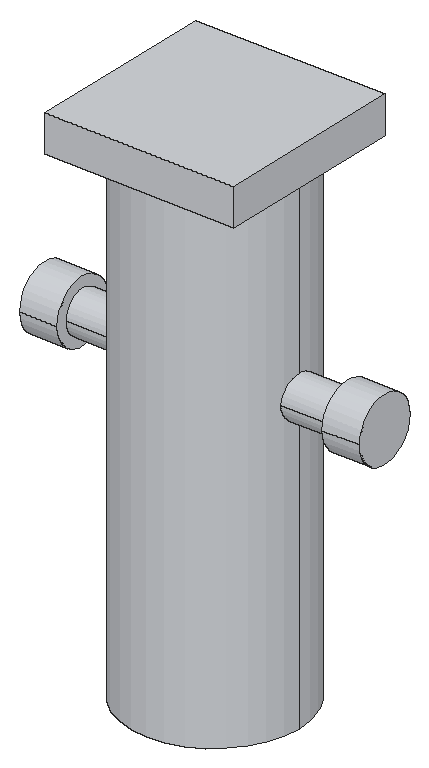
Revit family "31d4c929c27549b0bc06e94b5c89d077", category Pipe Accessories, Revit 2021
Family settings
  Round Connector Dimension = Use Radius
  Part Type = Breaks Into
  OmniClass Number = 23.65.55.14
  OmniClass Title = Valves for Liquid Services
  Seek Item ID = Basket Strainer - 0.375-3 Inch - Threaded-0000-USA-ENU
  Work Plane-Based = No
  Always vertical = Yes
  Cut with Voids When Loaded = No
  Shared = No
Parameters (values of type "3/8"")
  Strainer Material = none
  Strainer Length = 0' - 4 9/16"
  Outside Radius = 0.5 * Outside Diameter  # 9/32"
  Outside Diameter = 1.5 * Nominal Diameter  # 9/16"
  Nominal Radius = 3/16"
  Nominal Diameter = Nominal Radius * 2  # 3/8"
  K Coefficient = 0.04
  Half Strainer Length = 0.5 * Strainer Length  # 0' - 2 9/32"
  Half Flange Width = 0.5 * Flange Width  # 0' - 1 17/64"
  Flange Width = Basket Outside Diameter + 0' 0 1/4"  # 0' - 2 17/32"
  Flange Outside Radius = 0.5 * Flange Outside Diameter  # 0' - 0 27/64"
  Flange Outside Diameter = 1.5 * Outside Diameter  # 0' - 0 27/32"
  Default Elevation = 0' - 0"
  C1 Offset 2 = 0' - 4"
  C1 Offset 1 = 0' - 3 1/8"
  Basket Outside Radius = 0.5 * Basket Outside Diameter  # 0' - 1 9/64"
  Basket Outside Diameter = 0.5 * Strainer Length  # 0' - 2 9/32"
Types (10): name | Strainer Length | Outside Radius | Outside Diameter | Nominal Radius | Nominal Diameter | K Coefficient | Half Strainer Length | Half Flange Width | Flange Width | Flange Outside Radius | Flange Outside Diameter | C1 Offset 2 | C1 Offset 1 | Basket Outside Radius | Basket Outside Diameter
  (no name) | 0' - 4 9/16" | 9/32" | 9/16" | 3/16" | 3/8" | 0.04 | 0' - 2 9/32" | 0' - 1 17/64" | 0' - 2 17/32" | 0' - 0 27/64" | 0' - 0 27/32" | 0' - 4" | 0' - 3 1/8" | 0' - 1 9/64" | 0' - 2 9/32"
  1 1/2" | 0' - 6 5/16" | 1 1/8" | 2 1/4" | 3/4" | 1 1/2" | 3.59 | 0' - 3 5/32" | 0' - 1 45/64" | 0' - 3 13/32" | 0' - 1 11/16" | 0' - 3 3/8" | 0' - 6 1/2" | 0' - 4 1/8" | 0' - 1 37/64" | 0' - 3 5/32"
  1 1/4" | 0' - 6 213/256" | 15/16" | 1 7/8" | 5/8" | 1 1/4" | 1.73 | 0' - 3.41602" | 0' - 1.83301" | 0' - 3.66602" | 0' - 1 13/32" | 0' - 2 13/16" | 0' - 6 1/2" | 0' - 4 1/8" | 0' - 1.70801" | 0' - 3.41602"
  1" | 0' - 4 81/256" | 3/4" | 1 1/2" | 1/2" | 1" | 2.25 | 0' - 2.1582" | 0' - 1.2041" | 0' - 2.4082" | 0' - 1 1/8" | 0' - 2 1/4" | 0' - 4 7/8" | 0' - 3" | 0' - 1.0791" | 0' - 2.1582"
  1/2" | 0' - 4 9/16" | 3/8" | 3/4" | 1/4" | 1/2" | 0.14 | 0' - 2 9/32" | 0' - 1 17/64" | 0' - 2 17/32" | 0' - 0 9/16" | 0' - 1 1/8" | 0' - 4" | 0' - 3 1/8" | 0' - 1 9/64" | 0' - 2 9/32"
  2 1/2" | 0' - 9 5/8" | 1 7/8" | 3 3/4" | 1 1/4" | 2 1/2" | 4.44 | 0' - 4 13/16" | 0' - 2 17/32" | 0' - 5 1/16" | 0' - 2 13/16" | 0' - 5 5/8" | 0' - 8 3/4" | 0' - 4" | 0' - 2 13/32" | 0' - 4 13/16"
  2" | 0' - 8 1/4" | 1 1/2" | 3" | 1" | 2" | 4.59 | 0' - 4 1/8" | 0' - 2 3/16" | 0' - 4 3/8" | 0' - 2 1/4" | 0' - 4 1/2" | 0' - 7 7/8" | 0' - 4 3/4" | 0' - 2 1/16" | 0' - 4 1/8"
  3" | 0' - 11 1/4" | 2 1/4" | 4 1/2" | 1 1/2" | 3" | 1.74 | 0' - 5 5/8" | 0' - 2 15/16" | 0' - 5 7/8" | 0' - 3 3/8" | 0' - 6 3/4" | 0' - 11 3/8" | 0' - 5 7/8" | 0' - 2 13/16" | 0' - 5 5/8"
  3/4" | 0' - 4 9/16" | 9/16" | 1 1/8" | 3/8" | 3/4" | 0.71 | 0' - 2 9/32" | 0' - 1 17/64" | 0' - 2 17/32" | 0' - 0 27/32" | 0' - 1 11/16" | 0' - 4" | 0' - 3 1/8" | 0' - 1 9/64" | 0' - 2 9/32"
  3/8" | 0' - 4 9/16" | 9/32" | 9/16" | 3/16" | 3/8" | 0.04 | 0' - 2 9/32" | 0' - 1 17/64" | 0' - 2 17/32" | 0' - 0 27/64" | 0' - 0 27/32" | 0' - 4" | 0' - 3 1/8" | 0' - 1 9/64" | 0' - 2 9/32"
Reference planes (in)
  plane 1 "Center (Front/Back)": y = 0
  plane 2: z = 0
  plane 3 "Center (Left/Right)": x = 0
  plane 4: x = -2.28125
  plane 5: x = 2.28125
  plane 6: z = -4
  plane 7: z = 3.125
  plane 8: z = 2.625
  plane 9: x = -1.78125
  plane 10: x = 1.78125
  plane 11: y = 1.26562
  plane 12: y = -1.26563
  plane 13: y = -2.26563
  plane 14: y = 2.26562
Forms (in)
  Extrusion 1, solid, material <- "Strainer Material", detail levels fine
    sketch origin (0, 0, 0) x (0, 1, 0) y (0, 0, 1)
      loop
        circle (0, 0) r 0.28125
    from -1.78125 to 1.78125
  Extrusion 2, solid, material <- "Strainer Material", detail levels fine
    sketch origin (0, 0, 0) x (1, 0, 0) y (0, 1, 0)
      loop
        circle (0, 0) r 1.14062
    from -4 to 2.625
  Extrusion 3, solid, material <- "Strainer Material", detail levels fine
    sketch origin (0, 0, 0) x (1, 0, 0) y (0, 1, 0)
      loop
        line (-1.26562, 1.26562) -> (-1.26562, -1.26563) -> (1.26563, -1.26563) -> (1.26563, 1.26562) -> (-1.26562, 1.26562)
    from 2.625 to 3.125
  Extrusion 4, solid, material <- "Strainer Material", detail levels fine
    sketch origin (0, 0, 0) x (0, 1, 0) y (0, 0, 1)
      loop
        circle (0, 0) r 0.42188
    from -2.28125 to -1.78125
  Extrusion 5, solid, material <- "Strainer Material", detail levels fine
    sketch origin (0, 0, 0) x (0, 1, 0) y (0, 0, 1)
      loop
        circle (0, 0) r 0.42188
    from 1.78125 to 2.28125
Cuts and joins
  joined: Extrusion 1, Extrusion 2, Extrusion 3, Extrusion 4, Extrusion 5
Lines and regions (in)
  model lines, detail levels coarse+medium
    curve 1: line (-2.28125, 1.26562, 0) -> (2.28125, 1.26562, 0)
    curve 2: line (-2.28125, 1.26562, 0) -> (-2.28125, -2.26563, 0)
    curve 3: line (2.28125, 1.26562, 0) -> (2.28125, -2.26563, 0)
    curve 4: arc (-2.28125, -2.26563, 0) -> (0, -4.54688, 0) -> (2.28125, -2.26563, 0) r 2.28125
    curve 5: line (-2.28125, 2.26562, 0) -> (2.28125, 2.26562, 0)
    curve 6: line (0, 2.26562, 0) -> (0, 1.26562, 0)
Dimensions and locks (in)
  "Half Strainer Length": plane 4 to plane 3 "Center (Left/Right)"
  "Half Strainer Length": plane 3 "Center (Left/Right)" to plane 5
  "C1 Offset 2": plane 2 to plane 6
  "C1 Offset 1": plane 7 to plane 2
  locked: plane 7 to plane 8 at 0.5
  locked: plane 4 to plane 9 at 0.5
  locked: plane 10 to plane 5 at 0.5
  equal spacing: Extrusion 3 sketch curve, plane 1 "Center (Front/Back)", Extrusion 3 sketch curve
  "Half Flange Width": plane 1 "Center (Front/Back)" to Extrusion 3 sketch curve
  equal spacing: Extrusion 3 sketch curve, plane 3 "Center (Left/Right)", Extrusion 3 sketch curve
  "Half Flange Width": Extrusion 3 sketch curve to plane 3 "Center (Left/Right)"
  "Half Flange Width": plane 11 to plane 1 "Center (Front/Back)"
  "Half Flange Width": plane 1 "Center (Front/Back)" to plane 12
  locked: plane 12 to plane 13 at 1
  locked: plane 14 to plane 11 at 1
  "Outside Radius": radius of Extrusion 1 sketch curve
  "Basket Outside Radius": radius of Extrusion 2 sketch curve
  "Flange Outside Radius": radius of Extrusion 4 sketch curve
  "Flange Outside Radius": radius of Extrusion 5 sketch curve
  aligned and locked: plane 1 "Center (Front/Back)" to Extrusion 1 sketch curve
  aligned and locked: plane 2 to Extrusion 1 sketch curve
  aligned and locked: plane 3 "Center (Left/Right)" to Extrusion 2 sketch curve
  aligned and locked: plane 1 "Center (Front/Back)" to Extrusion 2 sketch curve
  aligned and locked: Extrusion 2 to plane 6
  aligned and locked: plane 8 to Extrusion 2
  aligned and locked: Extrusion 1 to plane 10
  aligned and locked: Extrusion 1 to plane 9
  aligned and locked: Extrusion 3 to plane 8
  aligned and locked: Extrusion 3 to plane 7
  aligned and locked: plane 1 "Center (Front/Back)" to Extrusion 4 sketch curve
  aligned and locked: plane 2 to Extrusion 4 sketch curve
  aligned and locked: Extrusion 4 to plane 4
  aligned and locked: plane 9 to Extrusion 4
  aligned and locked: plane 1 "Center (Front/Back)" to Extrusion 5 sketch curve
  aligned and locked: plane 2 to Extrusion 5 sketch curve
  aligned and locked: plane 10 to Extrusion 5
  aligned and locked: Extrusion 5 to plane 5
  aligned and locked: curve 1 to plane 11
  aligned and locked: plane 5 to curve 1
  aligned and locked: curve 2 to plane 4
  aligned and locked: plane 3 "Center (Left/Right)" to curve 4
  aligned and locked: plane 13 to curve 4  (x2)
  aligned and locked: plane 13 to curve 3
  aligned and locked: curve 5 to plane 14
  aligned and locked: plane 5 to curve 5
  aligned and locked: plane 4 to curve 5
  aligned and locked: curve 6 to plane 3 "Center (Left/Right)"
  aligned and locked: plane 14 to curve 6
  aligned and locked: plane 11 to curve 6
Connectors (in)
  piping at (-2.28125, 0, 0), diameter 0.375, driven by "Nominal Radius"
    settings: on Extrusion 4, index 1, connector inside diameter 3/8", connector length 0' - 0", flow factor 0, pipe flow 0 GPM, pressure drop 0.00 psi, fitting loss kfactor 0, connector angle 0.00°, fixture units 0, engagement length 0' - 0", angle of deflection 0.00°, flow configuration 0, flow direction 0, fitting loss method 2, system type 29, joint type 0, gender type 0, connector reference index 2, connector utility 0, adjustable connector no, is connector primary yes, connector description "In"
  piping at (2.28125, 0, 0), diameter 0.375, driven by "Nominal Radius", driven by "K Coefficient"
    settings: on Extrusion 5, index 2, connector inside diameter 3/8", connector length 0' - 0", flow factor 0, pipe flow 0 GPM, pressure drop 0.00 psi, fitting loss kfactor 0.04, connector angle 0.00°, fixture units 0, engagement length 0' - 0", angle of deflection 0.00°, flow configuration 0, flow direction 0, fitting loss method 2, system type 29, joint type 0, gender type 0, connector reference index 1, connector utility 0, adjustable connector no, is connector primary no, connector description "Out"
